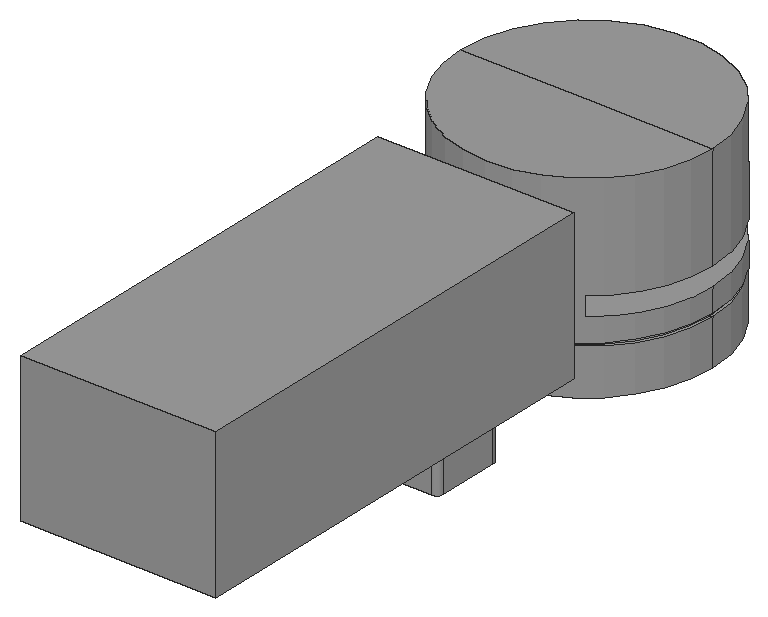
Revit family "Alcon-13309-Revit-Family", category Generic Models, host Face, Revit 2025
Family settings
  Host = Face
  Can host rebar = No
  Round Connector Dimension = Use Diameter
  Part Type = Normal
  Cut with Voids When Loaded = No
  Maintain Annotation Orientation = No
  Shared = No
  Room Calculation Point = No
Parameters
  URL = "https://www.alconlighting.com/?srsltid=AfmBOooDPhGQ0dEP-X2PMtxFfvvWpIAEL4jCll_O2F4_to5onvhnBomy"
  Product Page URL = "https://www.alconlighting.com/13309.html"
  Model = "13309"
  Manufacturer = "ALCON Lighting"
  Fixture Rotation = 90.00°
  Default Elevation = 4' - 0"
  Body = Default
Reference planes (in)
  plane 1 "Center (Front/Back)": y = 0
  plane 2: z = 0
  plane 3 "Center (Left/Right)": x = 0
Forms (in)
  Extrusion 1, solid, material "Default" <- "Body"
    sketch origin (0, -1.96403, 0.5) x (1, 0, 0) y (0, -1, 0)
      loop
        arc (-0.375, -0.3125) -> (-0.35669, -0.35669) -> (-0.3125, -0.375) r 0.0625
        line (-0.3125, -0.375) -> (0.3125, -0.375)
        arc (0.3125, -0.375) -> (0.35669, -0.35669) -> (0.375, -0.3125) r 0.0625
        line (0.375, -0.3125) -> (0.375, 0.3125)
        arc (0.375, 0.3125) -> (0.35669, 0.35669) -> (0.3125, 0.375) r 0.0625
        line (0.3125, 0.375) -> (-0.3125, 0.375)
        arc (-0.3125, 0.375) -> (-0.35669, 0.35669) -> (-0.375, 0.3125) r 0.0625
        line (-0.375, 0.3125) -> (-0.375, -0.3125)
    from 0 to 0.5
  Extrusion 2, solid, material "Default" <- "Body"
    sketch origin (0, -5.90172, 1.625) x (-1, 0, 0) y (0, 0, 1)
      loop
        line (-0.985, 0.74) -> (-0.985, -0.75) -> (0.985, -0.75) -> (0.985, 0.74) -> (-0.985, 0.74)
    from 0 to 4.5
  Extrusion 3, solid
    sketch origin (-0.375, -1.96403, 0.5) x (1, 0, 0) y (0, 1, 0)
      loop
        circle (0.375, 0) r 0.25
    from 0 to 0.375
Lines and regions (in)
  reference lines
    curve 1: line (-4.5, 0, 1.61037) -> (5, 0, 1.61037)
Dimensions and locks (in)
  "Fixture Rotation": angle nested 1 to curve 1
  aligned and locked: plane 2 to host face
  aligned and locked: level to host face
Automatic sketch dimensions
  host sketch curve to host sketch curve = 8' - 0"  (x2)
  Extrusion 1 sketch curve to plane 3 "Center (Left/Right)" = 0' - 0 3/8"
  Extrusion 1 sketch curve to Extrusion 1 sketch curve = 0' - 0 1/16"  (x3)
  plane 3 "Center (Left/Right)" to Extrusion 1 sketch curve = 0' - 0 5/16"  (x2)
  plane 1 "Center (Front/Back)" to Extrusion 1 sketch curve = 0' - 2.33903"
  Extrusion 1 sketch curve to Extrusion 1 sketch curve = 0' - 0 5/8"
  plane 3 "Center (Left/Right)" to Extrusion 2 sketch curve = 0' - 0.985"
  Extrusion 2 sketch curve to plane 3 "Center (Left/Right)" = 0' - 0.985"
  level to Extrusion 2 sketch curve = 0' - 0 7/8"
  Extrusion 2 sketch curve to Extrusion 2 sketch curve = 0' - 1.49"
  level to curve 1 = 0' - 1.61037"
  curve 1 to plane 3 "Center (Left/Right)" = 0' - 4 1/2"
  plane 3 "Center (Left/Right)" to curve 1 = 0' - 5"
  Extrusion 3 sketch curve to Extrusion 1 = 0' - 0 3/8"  (x2)
  radius of Extrusion 3 sketch curve = 0' - 0 1/4"
Nested families (in)
  nested 1: "Alcon - 13309 Cylinder" at (0, 0, 1.61037) x (0, 0, 1) z (0, -1, 0), type "Alcon - 13309 Cylinder"
    with built-in parameter 1001306 0.090604 (stored number, unit not read)
Definition of nested family "Alcon - 13309 Cylinder"
  Parameters (values of type "Alcon - 13309 Cylinder")
    Wattage = 9.2903 W
    built-in parameter 1150110 = 1 (stored number, unit not read)
    built-in parameter 1114217 = 1 (stored number, unit not read)
    Tilt Angle = 60.00°
    built-in parameter 1150109 = 1 (stored number, unit not read)
    built-in parameter 1150134 = 3
    built-in parameter 1150113 = 1 (stored number, unit not read)
    built-in parameter 1010507 = 1.5708 (stored number, unit not read)
    built-in parameter 1010506 = 0.5236 (stored number, unit not read)
    built-in parameter 1150105 = 4614.1 (stored number, unit not read)
    Lumens = 1380 lm
    built-in parameter 1150115 = 1 (stored number, unit not read)
    Light Source Symbol Length = 10' - 0"
    built-in parameter 1150137 = (empty or 0)
    built-in parameter 1150139 = (empty or 0)
    built-in parameter 1001306 [instance] = 4' - 0"
    built-in parameter 1150112 = 1 (stored number, unit not read)
    built-in parameter 1150114 = 1 (stored number, unit not read)
    built-in parameter 1150132 = (empty or 0)
    built-in parameter 1150102 = (empty or 0)
    built-in parameter 1150107 = 3200 (stored number, unit not read)
    built-in parameter 1150138 = (empty or 0)
    built-in parameter 1150106 = 46.141 (stored number, unit not read)
    Glass = none
    built-in parameter 1150104 = 13.8 (stored number, unit not read)
    Dimming Lamp Color Temperature Shift = (empty or 0)
    Default Elevation = 0' - 0"
    Color Filter = 16777215
    Body = none
    built-in parameter 1114218 = 1 (stored number, unit not read)
    built-in parameter 1150133 = 10 (stored number, unit not read)
  Reference planes (in)
    plane 1 "Center (Front/Back)": y = 0
    plane 2: z = 0
    plane 3 "Left": x = 0
    plane 4 "Right": x = 48
  Forms (in)
    Revolve 1, solid, material <- "Body"
      sketch origin (0, 0, 0) x (1, 0, 0) y (0, 1, 0)
        loop
          line (-1.15873, 1.27) -> (-0.86531, 0.94011) -> (0.69627, 0.94011) -> (0.69627, 0) -> (0.82127, 0) -> (0.82127, 1.27) -> (-0.66239, 1.27) -> (-0.66239, 1.23875) -> (-0.69364, 1.23875) -> (-0.69364, 1.27) -> (-1.15873, 1.27)
        axis (0.82127, 0) -> (-1.15873, 0)
      angle from 0 to 360
    Extrusion 2, solid, material <- "Glass"
      sketch origin (0, 0, 0) x (0, 1, 0) y (0, 0, 1)
        loop
          circle (0, 0) r 0.94011
      from -0.86531 to -0.7504
    Extrusion 3, solid, material <- "Body"
      sketch origin (0, 0, 0) x (0, -1, 0) y (1, 0, 0)
        loop
          circle (0, 0) r 0.25
      from 1.40172 to 1.05018
    Extrusion 4, void
      sketch origin (-0.31208, 0, 0) x (1, 0, 0) y (0, 0, 1)
        loop
          line (-0.1139, -1.09121) -> (0.07694, -1.09121) -> (0.07694, 1.00229) -> (-0.1139, 1.00229) -> (-0.1139, -1.09121)
      from -1.79294 to 1.91356
  Cuts and joins
    Extrusion 4 cuts Revolve 1
  Lines and regions (in)
    reference lines
      curve 1: line (0, 0, 0) -> (48, 0, 0)
    model lines
      curve 2: line (0, 0, 0) -> (-8.5, 0, 0)
  Dimensions and locks (in)
    "built-in parameter 1001306": plane 3 "Left" to plane 4 "Right"
    aligned and locked: plane 4 "Right" to curve 1
    aligned and locked: plane 1 "Center (Front/Back)" to curve 1
    aligned and locked: plane 3 "Left" to curve 1
    aligned and locked: level to plane 2
  Automatic sketch dimensions
    Extrusion 2 sketch curve to Extrusion 2 sketch curve = 0' - 0"  (x2)
    Extrusion 2 sketch curve to level = 0' - 0"
    Extrusion 2 sketch curve to plane 1 "Center (Front/Back)" = 0' - 0"
    plane 1 "Center (Front/Back)" to Extrusion 2 sketch curve = 0' - 0.94011"
    plane 1 "Center (Front/Back)" to curve 2 = 0' - 0"
    curve 2 to plane 3 "Left" = 0' - 0"
    curve 2 to curve 2 = 0' - 8 1/2"
    plane 1 "Center (Front/Back)" to Extrusion 3 sketch curve = 0' - 0"
    Extrusion 3 sketch curve to plane 3 "Left" = 0' - 0"
    Extrusion 4 sketch curve to plane 3 "Left" = 0' - 0.42598"
    Extrusion 4 sketch curve to plane 3 "Left" = 0' - 0.23513"
    Extrusion 4 sketch curve to level = 0' - 1.09121"
    level to Extrusion 4 sketch curve = 0' - 1.00229"
    plane 1 "Center (Front/Back)" to Revolve 1 sketch curve = 0' - 0"  (x2)
    Revolve 1 sketch curve to plane 3 "Left" = 0' - 1.15873"
    Revolve 1 sketch curve to Revolve 1 sketch curve = 0' - 0.29342"
    Revolve 1 sketch curve to Revolve 1 sketch curve = 0' - 0.46509"
    Revolve 1 sketch curve to Revolve 1 sketch curve = 0' - 0 1/32"  (x3)
    plane 3 "Left" to Revolve 1 sketch curve = 0' - 0.69627"
    Revolve 1 sketch curve to Revolve 1 sketch curve = 0' - 0 1/8"
    Revolve 1 sketch curve to plane 1 "Center (Front/Back)" = 0' - 0.94011"
    Revolve 1 sketch curve to Revolve 1 sketch curve = 0' - 0.29864"
    Revolve 1 sketch curve to plane 3 "Left" = 0' - 0.92626"
    plane 3 "Left" to Revolve 1 sketch curve = 0' - 0.17599"
    radius of Extrusion 3 sketch curve = 0' - 0 1/4"
